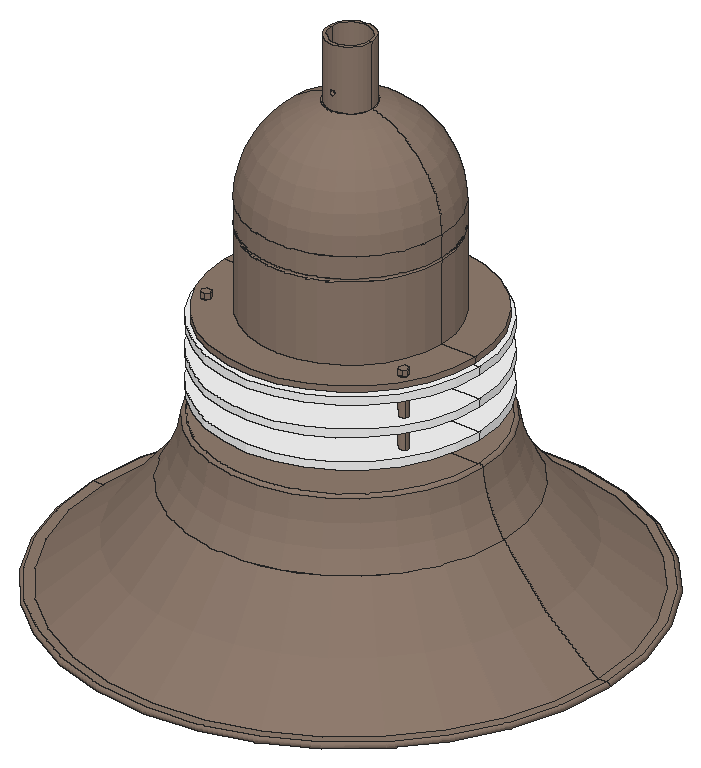
Revit family "BVF2406", category Generic Models, Revit 2014
Parameters
  FINS = Acrylic
  DETAIL 2 = Bronze, Architectural
  DETAIL = Bronze, Architectural
  BELL = Bronze, Architectural
Reference planes (in)
  plane 1 "Center (Front/Back)": y = 0
  plane 2: z = 0
  plane 3 "Center (Left/Right)": x = 0
Forms (in)
  Revolve 1, solid, material "Bronze, Architectural" <- "BELL"
    sketch origin (0, 0, -0.00045) x (1, 0, 0) y (0, 0, 1)
      loop
        line (-0.69, 20.24004) -> (-1.0625, 20.24004)
        arc (-1.0625, 20.24004) -> (-3.35992, 18.72758) -> (-4.25, 16.125) r 4.25
        line (-4.25, 16.125) -> (-4.25, 15.1875)
        arc (-4.25, 15.1875) -> (-4.21143, 15.125) -> (-4.25, 15.0625) r 0.06992
        line (-4.25, 15.0625) -> (-4.25, 11.625) -> (-5.8125, 11.625) -> (-5.8125, 11.375) -> (-4.125, 11.375) -> (-4.125, 15.0086)
        arc (-4.125, 15.0086) -> (-4.08643, 15.125) -> (-4.125, 15.2414) r 0.19492
        line (-4.125, 15.2414) -> (-4.125, 16.125)
        arc (-4.125, 16.125) -> (-3.26592, 18.6448) -> (-1.0465, 20.11504) r 4.125
        line (-1.0465, 20.11504) -> (-0.69, 20.11504) -> (-0.69, 20.24004)
      axis (0, 20.24004) -> (0, 11.375)
    angle from 0 to 360
  Revolve 2, solid, material "Bronze, Architectural" <- "BELL"
    sketch origin (0, 0, -0.00045) x (1, 0, 0) y (0, 0, 1)
      loop
        line (-4.02812, 7.25) -> (-5.96994, 7.25)
        arc (-5.96994, 7.25) -> (-6.07735, 7.21619) -> (-6.14602, 7.12694) r 0.1875
        arc (-6.14602, 7.12694) -> (-6.46299, 5.74091) -> (-7.11563, 4.47774) r 5.65554
        arc (-7.11563, 4.47774) -> (-9.08468, 2.14822) -> (-11.47279, 0.25065) r 15.45956
        line (-11.47279, 0.25065) -> (-11.87606, 0.25065)
        arc (-11.87606, 0.25065) -> (-12.00106, 0.12565) -> (-11.87606, 0.00065) r 0.125
        line (-11.87606, 0.00065) -> (-11.63424, 0.00065)
        arc (-11.63424, 0.00065) -> (-9.09537, 1.96452) -> (-7.01267, 4.40686) r 15.58456
        arc (-7.01267, 4.40686) -> (-6.3491, 5.68843) -> (-6.02366, 7.09444) r 5.78054
        arc (-6.02366, 7.09444) -> (-6.00084, 7.11683) -> (-5.96994, 7.125) r 0.0625
        line (-5.96994, 7.125) -> (-3.90312, 7.125) -> (-3.90312, 11.625) -> (-4.125, 11.625) -> (-4.125, 11.375) -> (-4.02812, 11.375) -> (-4.02812, 7.25)
      axis (0, 11.625) -> (0, 0.00065)
    angle from 0 to 360
  Revolve 3, solid, material "Acrylic" <- "FINS"
    sketch origin (0, 0, -0.00045) x (1, 0, 0) y (0, 0, 1)
      loop
        line (-6, 11.28125) -> (-6, 10.9375) -> (-4.02812, 10.9375) -> (-4.02812, 11.28125) -> (-6, 11.28125)
      loop
        line (-6, 9.9375) -> (-6, 9.59375) -> (-4.02812, 9.59375) -> (-4.02812, 9.9375) -> (-6, 9.9375)
      loop
        line (-6, 8.59375) -> (-6, 8.25) -> (-4.02812, 8.25) -> (-4.02812, 8.59375) -> (-6, 8.59375)
      axis (0, 11.28125) -> (0, 8.25)
    angle from 0 to 360
  Revolve 4, solid, material "Bronze, Architectural" <- "DETAIL"
    sketch origin (0, 0, -0.00045) x (0.866025, 0.5, 0) y (0, 0, 1)
      loop
        line (-5.28051, 11.625) -> (-5.46801, 11.625) -> (-5.46801, 8.25) -> (-5.28051, 8.25) -> (-5.28051, 11.625)
      axis (-5.28051, 11.625) -> (-5.28051, 8.25)
    angle from 0 to 360
  Extrusion 5, solid, material "Bronze, Architectural" <- "DETAIL 2"
    sketch origin (0, 0, -0.00045) x (0.866025, 0.5, 0) y (-0.5, 0.866025, 0)
      loop
        line (-5.09301, 0.10825) -> (-5.28051, 0.21651) -> (-5.46801, 0.10825) -> (-5.46801, -0.10825) -> (-5.28051, -0.21651) -> (-5.09301, -0.10825) -> (-5.09301, 0.10825)
    from 11.625 to 11.875
  Extrusion 6, solid, material "Bronze, Architectural" <- "DETAIL 2"
    sketch origin (0, 0, -0.00045) x (0.866025, 0.5, 0) y (-0.5, 0.866025, 0)
      loop
        line (-5.09301, 0.10825) -> (-5.28051, 0.21651) -> (-5.46801, 0.10825) -> (-5.46801, -0.10825) -> (-5.28051, -0.21651) -> (-5.09301, -0.10825) -> (-5.09301, 0.10825)
    from 8.01314 to 8.25
  Revolve 7, solid, material "Bronze, Architectural" <- "DETAIL"
    sketch origin (0, 0, -0.00045) x (0, -1, 0) y (0, 0, 1)
      loop
        line (-5.28051, 11.625) -> (-5.46801, 11.625) -> (-5.46801, 8.25) -> (-5.28051, 8.25) -> (-5.28051, 11.625)
      axis (-5.28051, 11.625) -> (-5.28051, 8.25)
    angle from 0 to 360
  Extrusion 8, solid, material "Bronze, Architectural" <- "DETAIL 2"
    sketch origin (0, 0, -0.00045) x (0, -1, 0) y (1, 0, 0)
      loop
        line (-5.09301, 0.10825) -> (-5.28051, 0.21651) -> (-5.46801, 0.10825) -> (-5.46801, -0.10825) -> (-5.28051, -0.21651) -> (-5.09301, -0.10825) -> (-5.09301, 0.10825)
    from 11.625 to 11.875
  Extrusion 9, solid, material "Bronze, Architectural" <- "DETAIL 2"
    sketch origin (0, 0, -0.00045) x (0, -1, 0) y (1, 0, 0)
      loop
        line (-5.09301, 0.10825) -> (-5.28051, 0.21651) -> (-5.46801, 0.10825) -> (-5.46801, -0.10825) -> (-5.28051, -0.21651) -> (-5.09301, -0.10825) -> (-5.09301, 0.10825)
    from 8.01314 to 8.25
  Revolve 10, solid, material "Bronze, Architectural" <- "DETAIL"
    sketch origin (0, 0, -0.00045) x (-0.866025, 0.5, 0) y (0, 0, 1)
      loop
        line (-5.28051, 11.625) -> (-5.46801, 11.625) -> (-5.46801, 8.25) -> (-5.28051, 8.25) -> (-5.28051, 11.625)
      axis (-5.28051, 11.625) -> (-5.28051, 8.25)
    angle from 0 to 360
  Extrusion 11, solid, material "Bronze, Architectural" <- "DETAIL 2"
    sketch origin (0, 0, -0.00045) x (-0.866025, 0.5, 0) y (-0.5, -0.866025, 0)
      loop
        line (-5.09301, 0.10825) -> (-5.28051, 0.21651) -> (-5.46801, 0.10825) -> (-5.46801, -0.10825) -> (-5.28051, -0.21651) -> (-5.09301, -0.10825) -> (-5.09301, 0.10825)
    from 11.625 to 11.875
  Extrusion 12, solid, material "Bronze, Architectural" <- "DETAIL 2"
    sketch origin (0, 0, -0.00045) x (-0.866025, 0.5, 0) y (-0.5, -0.866025, 0)
      loop
        line (-5.09301, 0.10825) -> (-5.28051, 0.21651) -> (-5.46801, 0.10825) -> (-5.46801, -0.10825) -> (-5.28051, -0.21651) -> (-5.09301, -0.10825) -> (-5.09301, 0.10825)
    from 8.01314 to 8.25
  Revolve 13, solid, material "Bronze, Architectural" <- "BELL"
    sketch origin (0, 0, -0.00045) x (1, 0, 0) y (0, 0, 1)
      loop
        line (-1, 22.99004) -> (-1, 20.24004) -> (-0.875, 20.24004) -> (-0.875, 22.99004) -> (-1, 22.99004)
      axis (0, 22.99004) -> (0, 20.24004)
    angle from 0 to 360
  Extrusion 14, void
    sketch origin (0, 0, -0.00045) x (1, 0, 0) y (0, 0, 1)
      loop
        circle (0, 20.99004) r 0.12446
    from -1.03363 to 1.03523
Cuts and joins
  Extrusion 14 cuts Revolve 13
Lines and regions (in)
  model lines
    curve 1: line (-5.09301, 0, 10.93705) -> (-5.46801, 0, 10.93705)
Dimensions and locks (in)
  aligned and locked: plane 2 to level
